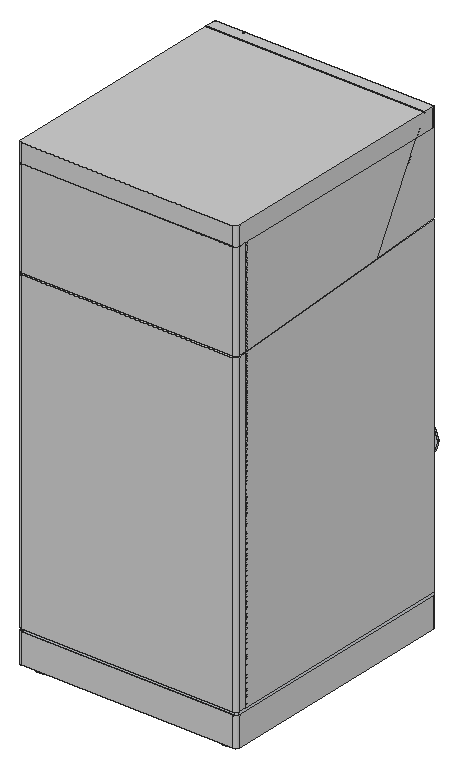
Revit family "Immergas-Ares pro 300", category Attrezzatura meccanica, Revit 2018
Family settings
  Quota connettore circolare = Usa diametro
  Tipo di parte = Normale
  Basato su piano di lavoro = No
  Sempre verticale = Sì
  Taglio con vuoti quando caricato = No
  Condiviso = No
  Punto di calcolo locali = No
Parameters (values of type "Immergas-Ares pro 300")
  yield hvac heating load nominal 30 (%) = 97.8
  yield hvac heating load nominal (%) = 98.05
  cerniere = Immergas - Plastica Nero
  Uniformat code = "D3020"
  Uniformat II Description = "Heat Generating Systems"
  Uniformat = "Heat Generating Systems"
  UDP_88_494_GAS_CONNECTION_DIAMETER = "0.75"
  UDP_334_495_PORTATA_TERMICA = "280"
  Thermal power 80/60°C = 274540 W
  Produttore = "Immergas"
  Product Code = "3.028311"
  Piping volume boiler = 0.27 m³
  Overall Width = 910 mm
  Overall Height = 1946 mm
  Overall Depth = 1170 mm
  Operating Temperature = 90 °C
  Omniclass Description = "HVAC Specific Products and Equipment"
  Nominal Voltage = 230 V
  Nominal Current = 6 A
  Name BIM&CO = "Caldaia"
  Modello = "Immergas-Ares pro 300"
  Masterformat 2014 Description = "Heating, Ventilating, and Air Conditioning (HVAC)"
  MasterFormat = "23 00 00- Heating, Ventilating, and Air Conditioning (HVAC)"
  Mass = 549.00 kg
  Manufacturer Product Link = "https://www.immergas.com/en/product?title=ARES%20PRO%20300"
  Hydraulic Fittings = 2032 mm
  Hot water flow = 0.0 L/s
  Frequency of use = 50 Hz
  Electric Power = 210 W
  ETIM Note = "Residential heating"
  Dimensions of Piping Connectors = 19.05 mm
  Diameter of fume exhaust = 250 mm
  Case = Immergas - Alluminio
Reference planes
  plane 1 "Centro (Fronte/Retro)": y = 0
  plane 2: z = -20.078
  plane 3 "Centro (Sinistra/Destra)": x = 0
Forms (mm)
  Extrusion 1, solid, material "Immergas - Alluminio" <- "Case"
    sketch origin (-14.211, 126.664, -20.078) x (-1, 0, 0) y (0, -1, 0)
      loop
        arc (-454.686, 514.91) -> (-465.293, 510.516) -> (-469.686, 499.91) r 15
        line (-469.686, 499.91) -> (-469.686, -507.599)
        arc (-469.686, -507.599) -> (-468.664, -510.068) -> (-466.195, -511.09) r 3.491
        line (-466.195, -511.09) -> (-457.686, -511.09) -> (-457.686, -168.631) -> (427.22, -168.631) -> (427.22, -511.09) -> (435.729, -511.09)
        arc (435.729, -511.09) -> (438.197, -510.068) -> (439.22, -507.599) r 3.491
        line (439.22, -507.599) -> (439.22, 466.702) -> (437.444, 466.702) -> (437.444, 470.647) -> (439.22, 470.647) -> (439.22, 499.91)
        arc (439.22, 499.91) -> (434.826, 510.516) -> (424.22, 514.91) r 15
        line (424.22, 514.91) -> (-454.686, 514.91)
    from 17.666 to 139.711
  Extrusion 2, solid
    sketch origin (-14.211, 126.664, -20.078) x (-1, 0, 0) y (0, -1, 0)
      loop
        arc (432.22, 499.91) -> (429.291, 506.981) -> (422.22, 509.91) r 10
        line (422.22, 509.91) -> (-457.686, 509.91)
        arc (-457.686, 509.91) -> (-464.757, 506.981) -> (-467.686, 499.91) r 10
        line (-467.686, 499.91) -> (-467.686, -510.601) -> (-457.686, -510.601) -> (-457.686, 66.664) -> (427.22, 66.664) -> (427.22, -510.941) -> (432.22, -510.941) -> (432.22, 499.91)
    from 122 to 152.633
  Extrusion 3, solid, material "Immergas - Alluminio" <- "Case"
    sketch origin (-14.211, 126.664, -20.078) x (-1, 0, 0) y (0, -1, 0)
      loop
        arc (-454.686, 514.91) -> (-465.293, 510.516) -> (-469.686, 499.91) r 15
        line (-469.686, 499.91) -> (-469.686, 470.647) -> (-464.686, 470.647) -> (-464.686, 466.702) -> (-469.686, 466.702) -> (-469.686, 461.702) -> (439.22, 461.702) -> (439.22, 466.702) -> (437.444, 466.702) -> (437.444, 470.647) -> (439.22, 470.647) -> (439.22, 499.91)
        arc (439.22, 499.91) -> (434.826, 510.516) -> (424.22, 514.91) r 15
        line (424.22, 514.91) -> (-454.686, 514.91)
    from 152.633 to 1472.164
  Extrusion 4, solid, material "Immergas - Alluminio" <- "Case"
    sketch origin (-14.211, 126.664, -20.078) x (-1, 0, 0) y (0, -1, 0)
      loop
        arc (-454.686, 514.91) -> (-465.293, 510.516) -> (-469.686, 499.91) r 15
        line (-469.686, 499.91) -> (-469.686, 470.647) -> (-464.686, 470.647) -> (-464.686, 466.702) -> (-469.686, 466.702) -> (-469.686, 461.702) -> (439.22, 461.702) -> (439.22, 466.702) -> (437.444, 466.702) -> (437.444, 470.647) -> (439.22, 470.647) -> (439.22, 499.91)
        arc (439.22, 499.91) -> (434.826, 510.516) -> (424.22, 514.91) r 15
        line (424.22, 514.91) -> (-454.686, 514.91)
    from 1479.553 to 1885.003
  Extrusion 5, solid, material "Immergas - Alluminio" <- "Case"
    sketch origin (-14.211, 126.664, -20.078) x (-1, 0, 0) y (0, -1, 0)
      loop
        arc (-454.686, 514.91) -> (-465.293, 510.516) -> (-469.686, 499.91) r 15
        line (-469.686, 499.91) -> (-469.686, -505.079)
        arc (-469.686, -505.079) -> (-468.664, -507.548) -> (-466.195, -508.57) r 3.491
        line (-466.195, -508.57) -> (435.729, -508.57)
        arc (435.729, -508.57) -> (438.197, -507.548) -> (439.22, -505.079) r 3.491
        line (439.22, -505.079) -> (439.22, 466.702) -> (439.22, 499.91)
        arc (439.22, 499.91) -> (434.826, 510.516) -> (424.22, 514.91) r 15
        line (424.22, 514.91) -> (-454.686, 514.91)
    from 1886.701 to 1964.418
  Extrusion 6, solid
    sketch origin (-14.211, 126.664, 0) x (-1, 0, 0) y (0, -1, 0)
      loop
        arc (313.789, 499.91) -> (310.86, 506.981) -> (303.789, 509.91) r 10
        line (303.789, 509.91) -> (-332.211, 509.91)
        arc (-332.211, 509.91) -> (-339.282, 506.981) -> (-342.211, 499.91) r 10
        line (-342.211, 499.91) -> (-342.211, -254.597) -> (313.789, -254.597) -> (313.789, 499.91)
    from 1864.926 to 1866.623
  Extrusion 7, solid, material "Immergas - Alluminio" <- "Case"
    sketch origin (0, 0, 0) x (0, 1, 0) y (0, 0, 1)
      loop
        line (-340.038, 1452.222) -> (-340.038, 132.555) -> (637.754, 132.555) -> (637.754, 1520.596) -> (-340.038, 1452.222)
    from -453.431 to 455.476
  Extrusion 8, solid
    sketch origin (0, 0, 0) x (0, 1, 0) y (0, 0, 1)
      loop
        line (629.962, 1520.051) -> (629.962, 1527.241) -> (-335.038, 1459.762) -> (-335.038, 1452.571) -> (629.962, 1520.051)
    from -328 to 328
  Extrusion 9, solid, material "Immergas - Alluminio" <- "Case"
    sketch origin (0, 0, 0) x (0, 1, 0) y (0, 0, 1)
      loop
        line (587.532, 1944.34) -> (345.296, 1507.336) -> (637.754, 1527.786) -> (637.754, 1944.34) -> (587.532, 1944.34)
    from -453.431 to 455.476
  Extrusion 10, solid, material "Immergas - Alluminio" <- "Case"
    sketch origin (0, 0, 0) x (0, 1, 0) y (0, 0, 1)
      loop
        line (-335.038, 1864.926) -> (-335.038, 1459.762) -> (345.296, 1507.336) -> (543.511, 1864.926) -> (-335.038, 1864.926)
    from -453.431 to 455.476
  Extrusion 11, void
    sketch origin (0, 637.754, 134.922) x (0, 0, -1) y (1, 0, 0)
      loop
        line (-379.33, 321) -> (-379.33, -317.276) -> (12.922, -317.276) -> (12.922, 321) -> (-379.33, 321)
    from 0 to 334.754
  Sweep 12, solid
    path origin (-64.128, 0, 96.763) x (1, 0, 0) y (0, 0, 1)
      loop
        circle (-265.104, 1733.679) r 50
    profile origin (-329.233, 0, 1780.442) x (0, 0, 1) y (0, -1, 0)
      loop
        circle (0, -638.959) r 1.307
      loop
        circle (5.49, -639.017) r 1.186
      loop
        circle (11.104, -639.017) r 1.186
      loop
        circle (16.717, -639.017) r 1.186
      loop
        circle (22.33, -639.017) r 1.186
      loop
        circle (27.943, -639.017) r 1.186
      loop
        circle (33.557, -639.017) r 1.186
      loop
        circle (-26.758, -638.959) r 1.307
      loop
        circle (-21.267, -639.017) r 1.186
      loop
        circle (-15.654, -639.017) r 1.186
      loop
        circle (-10.041, -639.017) r 1.186
      loop
        circle (-4.427, -639.017) r 1.186
      loop
        circle (-32.368, -638.959) r 1.307
      loop
        circle (-59.126, -638.959) r 1.307
      loop
        circle (-53.635, -639.017) r 1.186
      loop
        circle (-48.022, -639.017) r 1.186
      loop
        circle (-42.409, -639.017) r 1.186
      loop
        circle (-36.796, -639.017) r 1.186
  Extrusion 13, solid
    sketch origin (-61.14, 0, 94.925) x (1, 0, 0) y (0, 0, 1)
      loop
        line (-173.578, 1802.784) -> (-271.402, 1742.954) -> (-360.903, 1813.585) -> (-280.319, 1735.371) -> (-367.602, 1650.639) -> (-271.402, 1728.443) -> (-183.054, 1656.918) -> (-262.486, 1735.371) -> (-173.578, 1802.784)
    from -640.357 to -643.031
  Extrusion 14, solid
    sketch origin (-117.93, 0, 44.922) x (1, 0, 0) y (0, 0, 1)
      loop
        circle (-180.125, 1377.544) r 70
      loop
        circle (-180.125, 1377.544) r 15
      loop
        circle (-178.25, 1425.411) r 5
      loop
        circle (-125.568, 1379.6) r 5
      loop
        circle (-230.361, 1377.882) r 5
      loop
        circle (-179.396, 1329.78) r 5
    from -774.469 to -780.722
  Extrusion 15, solid
    sketch origin (468.86, 0, -777.943) x (1, 0, 0) y (0, 0, 1)
      loop
        circle (-179.571, 1376.687) r 70
      loop
        circle (-179.571, 1376.687) r 15
      loop
        circle (-177.697, 1424.553) r 5
      loop
        circle (-125.014, 1361.472) r 5
      loop
        circle (-229.807, 1377.024) r 5
      loop
        circle (-178.842, 1328.922) r 5
    from -780.722 to -775.153
  Extrusion 16, solid
    sketch origin (0, 0, 72.252) x (1, 0, 0) y (0, 0, 1)
      loop
        line (241, 442) -> (-241, 442)
        arc (-241, 442) -> (-170.413, 271.587) -> (0, 201) r 241
        arc (0, 201) -> (170.413, 271.587) -> (241, 442) r 241
    from -295.295 to -60
  Extrusion 17, solid
    sketch origin (57.18, 230.238, 67.881) x (1, 0, 0) y (0, 0, 1)
      loop
        circle (228.5, 543.826) r 15
      loop
        circle (-355.428, 1356.608) r 15
    from -550.484 to -394.545
  Extrusion 18, solid
    sketch origin (0, 18.026, -17.655) x (1, 0, 0) y (0, -0.052336, 0.99863)
      loop
        circle (1.317, 333.864) r 125
      loop
        circle (1.317, 333.864) r 120
    from -705.017 to -263.972
  Extrusion 19, solid, material "Immergas - Plastica Nero" <- "cerniere"
    sketch origin (0, 0, 0) x (0, 1, 0) y (0, 0, 1)
      loop
        line (-351.031, 1401.166) -> (-351.031, 1326.081) -> (-326.031, 1326.081) -> (-326.031, 1401.166) -> (-351.031, 1401.166)
      loop
        line (-350.038, 212.633) -> (-350.038, 152.633) -> (-326.031, 152.633) -> (-326.031, 212.633) -> (-350.038, 212.633)
    from -429.809 to -423
  Extrusion 20, solid
    sketch origin (0, 0, -20.078) x (1, 0, 0) y (0, 1, 0)
      loop
        circle (-384.457, 518.089) r 30
      loop
        circle (384.457, 518.089) r 30
      loop
        circle (-384.457, -338.489) r 30
      loop
        circle (384.457, -338.489) r 30
    from 0 to 139.711
Cuts and joins
  Extrusion 11 cuts Extrusion 7
Dimensions and locks
  locked: Extrusion 2 to Extrusion 1 at 12.922
  locked: Extrusion 6 to Extrusion 4 at 1.697
  Extrusion 5 to Extrusion 1 = 1946.752 mm
  level to nested 1 = 1618 mm
  plane 3 "Centro (Sinistra/Destra)" to nested 1 = 100 mm
  Extrusion 1 to nested 2 = 1741 mm
  nested 2 to plane 3 "Centro (Sinistra/Destra)" = 200 mm
  Extrusion 9 to Extrusion 6 = 1021 mm
  cut or joined group of Extrusion 7, Extrusion 11 to Extrusion 15 = 142.968 mm
  plane 3 "Centro (Sinistra/Destra)" to nested 3 = 297 mm
  Extrusion 1 to nested 3 = 1426.076 mm
  nested 4 to plane 3 "Centro (Sinistra/Destra)" = 288.86 mm
  Extrusion 1 to nested 4 = 614.119 mm
  aligned and locked: level to plane 2
  aligned and locked: Extrusion 3 to Extrusion 2
  aligned and locked: Extrusion 6 to Extrusion 4
  aligned and locked: Extrusion 5 to Extrusion 6
Nested families
  nested 1: "M_Connettore tubazione - Altro - Apparecchi idraulici" at (100, 637.754, 1597.922) x (0, 0, 1) z (0, 1, 0), type "Standard"
    with Spessore 25.4 mm, Raggio nominale 15 mm, Flusso 0.63 L/s, Diametro nominale 30 mm
  nested 2: "M_Connettore tubazione - Altro - Apparecchi idraulici" at (-200, 637.754, 1738.588) x (0, 0, 1) z (0, 1, 0), type "Standard"
    with Spessore 25.4 mm, Raggio nominale 15 mm, Flusso 0.63 L/s, Diametro nominale 30 mm
  nested 3: "M_Connettore tubazione - Altro - Apparecchi idraulici" at (-297, 780.722, 1423.664) x (1, 0, 0) z (0, 1, 0), type "Standard"
    with Spessore 25.4 mm, Raggio nominale 15 mm, Flusso 0.63 L/s, Diametro nominale 30 mm
  nested 4: "M_Connettore tubazione - Altro - Apparecchi idraulici" at (288.86, 780.722, 611.707) x (1, 0, 0) z (0, 1, 0), type "Standard"
    with Spessore 25.4 mm, Raggio nominale 15 mm, Flusso 0.63 L/s, Diametro nominale 30 mm
Connectors
  piping at (-200, 663.154, 1738.588), diameter 12
    settings: on nested 2, index 1, connector inside diameter 609.6 mm, connector length 0 mm, flow factor 0, pipe flow 0.0 L/s, pressure drop 0.0 Pa, fitting loss kfactor 0, connector angle 0.00°, fixture units 0, engagement length 0 mm, angle of deflection 0.00°, flow configuration 0, flow direction 0, fitting loss method 0, system type 22, joint type 0, gender type 0, connector reference index -1, connector utility 0, adjustable connector no, is connector primary yes, connector description "entrata gas"
  piping at (100, 663.154, 1597.922), diameter 12
    settings: on nested 1, index 2, connector inside diameter 609.6 mm, connector length 0 mm, flow factor 0, pipe flow 0.0 L/s, pressure drop 0.0 Pa, fitting loss kfactor 0, connector angle 0.00°, fixture units 0, engagement length 0 mm, angle of deflection 0.00°, flow configuration 0, flow direction 0, fitting loss method 0, system type 22, joint type 0, gender type 0, connector reference index -1, connector utility 0, adjustable connector no, is connector primary no, connector description "attacco vaso di espansione"
  piping at (-297, 806.122, 1423.664), diameter 12
    settings: on nested 3, index 4, connector inside diameter 609.6 mm, connector length 0 mm, flow factor 0, pipe flow 0.0 L/s, pressure drop 0.0 Pa, fitting loss kfactor 0, connector angle 0.00°, fixture units 0, engagement length 0 mm, angle of deflection 0.00°, flow configuration 0, flow direction 0, fitting loss method 0, system type 7, joint type 0, gender type 0, connector reference index -1, connector utility 0, adjustable connector no, is connector primary no, connector description ""
  piping at (288.86, 806.122, 611.707), diameter 12
    settings: on nested 4, index 5, connector inside diameter 609.6 mm, connector length 0 mm, flow factor 0, pipe flow 0.0 L/s, pressure drop 0.0 Pa, fitting loss kfactor 0, connector angle 0.00°, fixture units 0, engagement length 0 mm, angle of deflection 0.00°, flow configuration 0, flow direction 0, fitting loss method 0, system type 8, joint type 0, gender type 0, connector reference index -1, connector utility 0, adjustable connector no, is connector primary no, connector description ""
  piping at (-332.483, 640.357, 1828.183), diameter 10
    settings: on Extrusion 13, index 6, connector inside diameter 609.6 mm, connector length 0 mm, flow factor 0, pipe flow 0.0 L/s, pressure drop 0.0 Pa, fitting loss kfactor 0, connector angle 0.00°, fixture units 0, engagement length 0 mm, angle of deflection 0.00°, flow configuration 0, flow direction 0, fitting loss method 0, system type 17, joint type 0, gender type 0, connector reference index -1, connector utility 0, adjustable connector no, is connector primary no, connector description "entrata aria"
  piping at (1.317, 704.603, 352.649), diameter 10
    settings: on Extrusion 18, index 7, connector inside diameter 609.6 mm, connector length 0 mm, flow factor 0, pipe flow 0.0 L/s, pressure drop 0.0 Pa, fitting loss kfactor 0, connector angle 0.00°, fixture units 0, engagement length 0 mm, angle of deflection 0.00°, flow configuration 0, flow direction 0, fitting loss method 0, system type 22, joint type 0, gender type 0, connector reference index -1, connector utility 0, adjustable connector no, is connector primary no, connector description "uscita fumi"
  electrical at (-112.369, 94.945, -2.412)
    settings: on Extrusion 1, index 8, voltage 0 V, apparent load 0 VA, apparent load phase1 0 VA, apparent load phase2 0 VA, apparent load phase3 0 VA, power factor 1, load classification "Altro", number of poles 1, system type 14, power factor state 1, is connector primary yes, connector utility no, sub classification motor no, connector description ""
Definition of nested family "M_Connettore tubazione - Altro - Apparecchi idraulici"
  Parameters (values of type "Standard")
    WFU = 0
    Raggio nominale [instance] = 15 mm
    Diametro nominale [instance] = Raggio nominale * 2  # 30 mm
    Spessore [instance] = 25.4 mm
    HWFU = 0
    Flusso [instance] = 0.63 L/s
    Default Elevation = 0 mm
    CWFU = 0
  Reference planes
    plane 1 "Centro (Fronte/Retro)": y = 0
    plane 2: z = 0
    plane 3 "Centro (Sinistra/Destra)": x = 0
    plane 4: z = 25.4
  Forms (mm)
    Extrusion 1, solid
      sketch origin (0, 0, 0) x (1, 0, 0) y (0, 1, 0)
        loop
          line (-1219.2, 1219.2) -> (-1219.2, -1219.2) -> (1219.2, -1219.2) -> (1219.2, 1219.2) -> (-1219.2, 1219.2)
      from 0 to -304.8
    Extrusion 2, solid
      sketch origin (0, 0, 0) x (1, 0, 0) y (0, 1, 0)
        loop
          circle (0, 0) r 15
      from 0 to 25.4
  Dimensions and locks
    "Spessore": plane 4 to plane 2
    "Raggio nominale": radius of Extrusion 2 sketch curve
    aligned and locked: plane 2 to Extrusion 1
    aligned and locked: level to Extrusion 1
    aligned and locked: plane 1 "Centro (Fronte/Retro)" to Extrusion 2 sketch curve
    aligned and locked: plane 4 to Extrusion 2
  Automatic sketch dimensions
    Extrusion 1 sketch curve to Extrusion 1 sketch curve = 2438.4 mm  (x2)
    Extrusion 2 sketch curve to plane 3 "Centro (Sinistra/Destra)" = 0 mm
  Connectors
    piping at (0, 0, 25.4), diameter 30, driven by "Raggio nominale", driven by "WFU", driven by "Flusso"
      settings: on Extrusion 2, index 1, connector inside diameter 30 mm, connector length 0 mm, flow factor 0, pipe flow 0.63 L/s, pressure drop 0.0 Pa, fitting loss kfactor 0, connector angle 0.00°, fixture units 0, engagement length 0 mm, angle of deflection 0.00°, flow configuration 1, flow direction 1, fitting loss method 0, system type 22, joint type 0, gender type 0, connector reference index -1, connector utility 0, adjustable connector no, is connector primary yes, connector description ""
